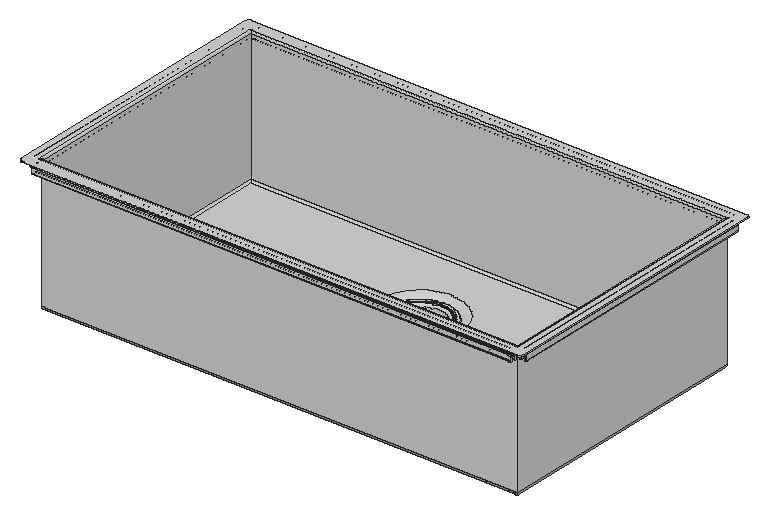
Revit family "Sink-Kitchen_Under_Mount-KOHLER-Vault-K-3821", category Plumbing Fixtures, host Face, Revit 2015
Parameters (values of type "NA-Stainless Steel")
  Width = 18 5/16"  # constant formula
  Waste Water Outlet = "Waste Water Outlet"  # constant formula
  Waste Connection = 1 = 1  # yes
  Vent Connection = 1 = 0  # no
  URL = "https://www.us.kohler.com/us/"
  Product Page URL = "http://www.us.kohler.com/us/catalog/productDetails.jsp?productNumber=3821"
  Product Name = "Vault"  # constant formula
  Product Documentation Link = "http://www.us.kohler.com/onlinecatalog/pdf/K-3821_spec.pdf"
  Model = "K-3821-NA"  # constant formula
  Material = "18-Gauge Stainless Steel"  # constant formula
  MasterFormat 2004 = "22.41.16"  # constant formula
  MasterFormat 1995 = "15410"  # constant formula
  Manufacturer Address = "444 Highland Dr, Kohler, WI 53044"  # constant formula
  Manufacturer = "KOHLER Co."  # constant formula
  Length = 32"  # constant formula
  Hot Water Inlet = "Hot Water Inlet"  # constant formula
  Height = 9 5/16"  # constant formula
  HW Connection = 1 = 0  # no
  Finish = Kohler-Metal-NA-Stainless
  Environmental Product Declaration = ""
  Drain Included = 1 = 0  # no
  Description = "32inch x 18-5/16inch x 9-5/16inch under-mount large single-bowl kitchen sink with no faucet holes"  # constant formula
  Default Elevation = 36"
  Declare Label = ""
  Date Modified = "08/02/2018"  # constant formula
  Date Created = "08/02/2018"  # constant formula
  Copyright = "Copyright KOHLER Co."  # constant formula
  Contact Us = "https://www.us.kohler.com/us/static/contact.jsp"
  Cold Water Inlet = "Cold Water Inlet"  # constant formula
  CW Connection = 1 = 0  # no
  Assembly Code = "D2010400"
  ADA Compliant = 1 = 0  # no
Reference planes
  plane 1 "Center (Front/Back)": y = 0
  plane 2: z = 0
  plane 3 "Center (Left/Right)": x = 0
  plane 4: z = -25.4
  plane 5: z = -261.938
  plane 6: y = 160.337
  plane 7: y = -304.8
  plane 8: x = -406.4
  plane 9: x = 406.4
Forms (mm)
  Extrusion 1, void
    sketch origin (0, 0, 0) x (1, 0, 0) y (0, 1, 0)
      loop
        line (-384.15, 124.562) -> (-384.15, -270.358)
        arc (-384.15, -270.358) -> (-380.431, -279.339) -> (-371.45, -283.058) r 12.7
        line (-371.45, -283.058) -> (371.45, -283.058)
        arc (371.45, -283.058) -> (380.431, -279.339) -> (384.15, -270.358) r 12.7
        line (384.15, -270.358) -> (384.15, 124.562)
        arc (384.15, 124.562) -> (380.431, 133.543) -> (371.45, 137.262) r 12.7
        line (371.45, 137.262) -> (-371.45, 137.262)
        arc (-371.45, 137.262) -> (-380.431, 133.543) -> (-384.15, 124.562) r 12.7
    from 0 to -25.4
  Extrusion 2, void
    sketch origin (0, 0, 0) x (1, 0, 0) y (0, 1, 0)
      loop
        line (-406.4, 153.987) -> (-406.4, -298.45)
        arc (-406.4, -298.45) -> (-404.54, -302.94) -> (-400.05, -304.8) r 6.35
        line (-400.05, -304.8) -> (400.05, -304.8)
        arc (400.05, -304.8) -> (404.54, -302.94) -> (406.4, -298.45) r 6.35
        line (406.4, -298.45) -> (406.4, 153.987)
        arc (406.4, 153.987) -> (404.54, 158.478) -> (400.05, 160.337) r 6.35
        line (400.05, 160.337) -> (-400.05, 160.337)
        arc (-400.05, 160.337) -> (-404.54, 158.478) -> (-406.4, 153.987) r 6.35
    from -25.4 to -327.254
Dimensions and locks
  plane 2 to plane 4 = 1"
  "Height": plane 4 to plane 5
  "Length": plane 8 to plane 9
  "Width": plane 7 to plane 6
  aligned and locked: plane 2 to host face
  aligned and locked: level to host face
Automatic sketch dimensions
  host sketch curve to host sketch curve = 96"  (x2)
  Extrusion 2 sketch curve to plane 8 = 0"
  plane 7 to Extrusion 2 sketch curve = 0"
  plane 6 to Extrusion 2 sketch curve = 0"
  Extrusion 2 sketch curve to plane 9 = 0"
  Extrusion 2 sketch curve to plane 8 = 1/4"
  Extrusion 2 sketch curve to Extrusion 2 sketch curve = 1/4"
  Extrusion 2 sketch curve to plane 9 = 1/4"
  plane 6 to Extrusion 2 sketch curve = 1/4"
  Extrusion 1 sketch curve to plane 8 = 0.87597"
  Extrusion 1 sketch curve to Extrusion 1 sketch curve = 1/2"  (x2)
  plane 6 to Extrusion 1 sketch curve = 0.90847"
  Extrusion 1 sketch curve to plane 9 = 1.37597"  (x2)
  Extrusion 1 sketch curve to plane 9 = 0.87597"
  Extrusion 1 sketch curve to plane 7 = 1.35597"
Nested families
  nested 1: "K-3821_NA" at (0, 0, -25.4), type "K-3821_NA"
Connectors
  piping at (0, 0, -324.85), diameter 38.1, driven by "Waste Connection", driven by "Waste Water Outlet"
    settings: on nested 1, index 1, connector inside diameter 24", connector length 0", flow factor 0, pipe flow 0 GPM, pressure drop 0.00 psi, fitting loss kfactor 0, connector angle 0.00°, fixture units 0, engagement length 0", angle of deflection 0.00°, flow configuration 0, flow direction 2, fitting loss method 0, system type 16, joint type 0, gender type 0, connector reference index -1, connector utility 1, adjustable connector no, is connector primary yes, connector description "Waste Water Outlet"
Definition of nested family "K-3821_NA"
  Parameters (values of type "K-3821_NA")
    Material = none
  Reference planes
    plane 1 "Center (Front/Back)": y = 0
    plane 2: z = 0
    plane 3 "Center (Left/Right)": x = 0
    plane 4: z = -236.538
    plane 5: x = -406.4
    plane 6: y = 160.337
    plane 7: y = -304.8
    plane 8: z = -16.473
    plane 9: x = 406.4
  Forms (mm)
    Sweep 1, solid, material <- "Material", detail levels medium+fine
      path origin (0, 0, 0) x (1, 0, 0) y (0, 1, 0)
        loop
          line (387.35, 140.482) -> (-387.35, 140.482) -> (-387.35, -286.238) -> (387.35, -286.238) -> (387.35, 140.482)
      profile origin (387.35, -72.878, 0) x (1, 0, 0) y (0, 0, 1)
        loop
          line (-0.027, -1.219) -> (1.003, -1.219) -> (1.003, 0) -> (-0.025, 0)
          arc (-0.025, 0) -> (-2.253, -0.922) -> (-3.175, -3.15) r 3.15
          line (-3.175, -3.15) -> (-3.175, -214.057)
          arc (-3.175, -214.057) -> (-4.109, -216.313) -> (-6.365, -217.248) r 3.19
          line (-6.365, -217.248) -> (-7.17, -217.248) -> (-7.17, -218.5) -> (-6.333, -218.5)
          arc (-6.333, -218.5) -> (-3.238, -217.218) -> (-1.956, -214.123) r 4.377
          line (-1.956, -214.123) -> (-1.956, -3.148)
          arc (-1.956, -3.148) -> (-1.391, -1.784) -> (-0.027, -1.219) r 1.929
    Revolve 2, solid, material <- "Material", detail levels medium+fine
      sketch origin (0, 0, 0) x (1, 0, 0) y (0, 0, 1)
        loop
          line (0, -299.45) -> (0, -226.776) -> (-63.5, -226.776)
          arc (-63.5, -226.776) -> (-59.01, -228.636) -> (-57.15, -233.126) r 6.35
          line (-57.15, -233.126) -> (-57.15, -248.431)
          arc (-57.15, -248.431) -> (-56.94, -248.939) -> (-56.433, -249.149) r 0.717
          line (-56.433, -249.149) -> (-48.291, -249.149)
          arc (-48.291, -249.149) -> (-47.192, -249.604) -> (-46.737, -250.703) r 1.554
          line (-46.737, -250.703) -> (-46.737, -252.485)
          arc (-46.737, -252.485) -> (-46.524, -253) -> (-46.01, -253.213) r 0.727
          line (-46.01, -253.213) -> (-42.818, -253.213) -> (-42.818, -259.998)
          arc (-42.818, -259.998) -> (-41.961, -262.714) -> (-39.702, -264.447) r 4.735
          line (-39.702, -264.447) -> (-30.147, -267.925)
          arc (-30.147, -267.925) -> (-25.537, -271.462) -> (-23.79, -277.004) r 9.662
          line (-23.79, -277.004) -> (-23.79, -286.766) -> (-27.178, -286.766) -> (-27.178, -294.633) -> (-23.447, -301.095)
          arc (-23.447, -301.095) -> (-22.892, -301.65) -> (-22.134, -301.854) r 1.517
          line (-22.134, -301.854) -> (-19.05, -301.854) -> (-19.05, -299.45) -> (0, -299.45)
        axis (0, -226.776) -> (0, -301.854)
      angle from 0 to 360
    Revolve 3, void
      sketch origin (0, 0, 0) x (1, 0, 0) y (0, 0, 1)
        loop
          line (0, -250.933) -> (0, -217.248) -> (-66.841, -217.248)
          arc (-66.841, -217.248) -> (-58.111, -218.984) -> (-50.71, -223.929) r 22.812
          line (-50.71, -223.929) -> (-48.102, -226.537)
          arc (-48.102, -226.537) -> (-45.747, -228.123) -> (-42.969, -228.707) r 7.41
          arc (-42.969, -228.707) -> (-40.571, -229.731) -> (-39.582, -232.143) r 3.436
          line (-39.582, -232.143) -> (-39.582, -242.718)
          arc (-39.582, -242.718) -> (-37.176, -248.527) -> (-31.367, -250.933) r 8.215
          line (-31.367, -250.933) -> (0, -250.933)
        axis (0, -217.248) -> (0, -250.933)
      angle from 0 to 360
    Revolve 4, solid, detail levels medium+fine
      sketch origin (0, 0, 8.372) x (1, 0, 0) y (0, 0, 1)
        loop
          line (0, -252.914) -> (0, -226.968)
          arc (0, -226.968) -> (-3.577, -227.285) -> (-7.043, -228.225) r 20.369
          arc (-7.043, -228.225) -> (-7.855, -229.641) -> (-6.603, -230.689) r 1.271
          line (-6.603, -230.689) -> (-3.674, -230.689) -> (-3.674, -235.642) -> (-5.097, -235.642) -> (-5.097, -237.703) -> (-4.013, -238.309) -> (-5.097, -238.954) -> (-5.097, -241.103) -> (-3.784, -241.103) -> (-3.784, -247.326) -> (-6.155, -247.326)
          arc (-6.155, -247.326) -> (-6.85, -247.614) -> (-7.137, -248.309) r 0.983
          line (-7.137, -248.309) -> (-7.137, -252.152) -> (-35.494, -252.152)
          arc (-35.494, -252.152) -> (-37.147, -251.493) -> (-37.892, -249.876) r 2.402
          line (-37.892, -249.876) -> (-38.702, -234.427)
          arc (-38.702, -234.427) -> (-39.926, -231.772) -> (-42.641, -230.689) r 3.945
          line (-42.641, -230.689) -> (-43.794, -230.689)
          arc (-43.794, -230.689) -> (-44.285, -230.893) -> (-44.488, -231.384) r 0.695
          line (-44.488, -231.384) -> (-44.488, -232.204)
          arc (-44.488, -232.204) -> (-45.191, -232.907) -> (-45.894, -232.204) r 0.703
          line (-45.894, -232.204) -> (-45.894, -231.382)
          arc (-45.894, -231.382) -> (-46.097, -230.892) -> (-46.587, -230.689) r 0.693
          line (-46.587, -230.689) -> (-51.051, -230.689)
          arc (-51.051, -230.689) -> (-51.438, -231.011) -> (-51.192, -231.449) r 0.393
          line (-51.192, -231.449) -> (-42.945, -234.615)
          arc (-42.945, -234.615) -> (-40.306, -236.64) -> (-39.196, -239.775) r 5.855
          line (-39.196, -239.775) -> (-38.651, -250.168)
          arc (-38.651, -250.168) -> (-37.752, -252.118) -> (-35.757, -252.914) r 2.898
          line (-35.757, -252.914) -> (0, -252.914)
        axis (0, -226.968) -> (0, -252.914)
      angle from 0 to 360
    Extrusion 5, void
      sketch origin (0, 0, 0) x (1, 0, 0) y (0, 1, 0)
        loop
          circle (0, 15.864) r 2.419
        loop
          circle (0, 24.227) r 2.419
        loop
          circle (0, 32.519) r 2.419
        loop
          circle (7.932, 13.738) r 2.419
        loop
          circle (13.738, 7.932) r 2.419
        loop
          circle (15.864, 0) r 2.419
        loop
          circle (7.486, 23.041) r 2.419
        loop
          circle (14.24, 19.6) r 2.419
        loop
          circle (19.6, 14.24) r 2.419
        loop
          circle (23.041, 7.486) r 2.419
        loop
          circle (24.227, 0) r 2.419
        loop
          circle (7.232, 31.705) r 2.419
        loop
          circle (14.107, 29.3) r 2.419
        loop
          circle (20.27, 25.429) r 2.419
        loop
          circle (25.422, 20.279) r 2.419
        loop
          circle (29.295, 14.118) r 2.419
        loop
          circle (31.702, 7.243) r 2.419
        loop
          circle (32.519, 0.011) r 2.419
        loop
          circle (-7.932, 13.738) r 2.419
        loop
          circle (-13.738, 7.932) r 2.419
        loop
          circle (-15.864, 0) r 2.419
        loop
          circle (-7.486, 23.041) r 2.419
        loop
          circle (-14.24, 19.6) r 2.419
        loop
          circle (-19.6, 14.24) r 2.419
        loop
          circle (-23.041, 7.486) r 2.419
        loop
          circle (-24.227, 0) r 2.419
        loop
          circle (-7.232, 31.705) r 2.419
        loop
          circle (-14.107, 29.3) r 2.419
        loop
          circle (-20.27, 25.429) r 2.419
        loop
          circle (-25.422, 20.279) r 2.419
        loop
          circle (-29.295, 14.118) r 2.419
        loop
          circle (-31.702, 7.243) r 2.419
        loop
          circle (-32.519, 0.011) r 2.419
        loop
          circle (0, -15.864) r 2.419
        loop
          circle (0, -24.227) r 2.419
        loop
          circle (0, -32.519) r 2.419
        loop
          circle (7.932, -13.738) r 2.419
        loop
          circle (13.738, -7.932) r 2.419
        loop
          circle (7.486, -23.041) r 2.419
        loop
          circle (14.24, -19.6) r 2.419
        loop
          circle (19.6, -14.24) r 2.419
        loop
          circle (23.041, -7.486) r 2.419
        loop
          circle (7.232, -31.705) r 2.419
        loop
          circle (14.107, -29.3) r 2.419
        loop
          circle (20.27, -25.429) r 2.419
        loop
          circle (25.422, -20.279) r 2.419
        loop
          circle (29.295, -14.118) r 2.419
        loop
          circle (31.702, -7.243) r 2.419
        loop
          circle (-7.932, -13.738) r 2.419
        loop
          circle (-13.738, -7.932) r 2.419
        loop
          circle (-7.486, -23.041) r 2.419
        loop
          circle (-14.24, -19.6) r 2.419
        loop
          circle (-19.6, -14.24) r 2.419
        loop
          circle (-23.041, -7.486) r 2.419
        loop
          circle (-7.232, -31.705) r 2.419
        loop
          circle (-14.107, -29.3) r 2.419
        loop
          circle (-20.27, -25.429) r 2.419
        loop
          circle (-25.422, -20.279) r 2.419
        loop
          circle (-29.295, -14.118) r 2.419
        loop
          circle (-31.702, -7.243) r 2.419
      from -245.474 to -242.18
    Extrusion 6, solid, material <- "Material", detail levels medium+fine
      sketch origin (0, 0, 0) x (1, 0, 0) y (0, 1, 0)
        loop
          line (-388.353, 141.484) -> (-388.353, -287.241) -> (388.353, -287.241) -> (388.353, 141.484) -> (-388.353, 141.484)
        loop
          line (-406.4, 153.987) -> (-406.4, -298.45)
          arc (-406.4, -298.45) -> (-404.54, -302.94) -> (-400.05, -304.8) r 6.35
          line (-400.05, -304.8) -> (400.05, -304.8)
          arc (400.05, -304.8) -> (404.54, -302.94) -> (406.4, -298.45) r 6.35
          line (406.4, -298.45) -> (406.4, 153.987)
          arc (406.4, 153.987) -> (404.54, 158.478) -> (400.05, 160.337) r 6.35
          line (400.05, 160.337) -> (-400.05, 160.337)
          arc (-400.05, 160.337) -> (-404.54, 158.478) -> (-406.4, 153.987) r 6.35
      from -1.219 to 0
    Extrusion 7, solid, material <- "Material", detail levels medium+fine
      sketch origin (0, 0, 0) x (1, 0, 0) y (0, 0, 1)
        loop
          line (380.18, -217.248) -> (-380.18, -217.248) -> (-380.18, -218.5) -> (-63.5, -226.776) -> (63.5, -226.776) -> (380.18, -218.5) -> (380.18, -217.248)
      from -133.311 to 279.068
    Extrusion 8, void
      sketch origin (0, 0, 0) x (0, 1, 0) y (0, 0, 1)
        loop
          line (63.5, -226.776) -> (133.311, -226.776) -> (133.311, -218.5) -> (63.5, -226.776)
        loop
          line (-63.5, -226.776) -> (-279.068, -218.5) -> (-279.068, -226.776) -> (-63.5, -226.776)
      from -385.394 to 385.394
    Extrusion 9, solid, material <- "Material", detail levels medium+fine
      sketch origin (0, 0, 0) x (1, 0, 0) y (0, 0, 1)
        loop
          line (-390.898, -6.197) -> (-393.511, -1.881)
          arc (-393.511, -1.881) -> (-394.011, -1.396) -> (-394.684, -1.219) r 1.372
          line (-394.684, -1.219) -> (-398.113, -1.219)
          arc (-398.113, -1.219) -> (-398.787, -1.396) -> (-399.287, -1.881) r 1.372
          line (-399.287, -1.881) -> (-401.899, -6.197)
          arc (-401.899, -6.197) -> (-402.059, -6.567) -> (-402.114, -6.966) r 1.486
          line (-402.114, -6.966) -> (-402.114, -14.901)
          arc (-402.114, -14.901) -> (-400.541, -16.473) -> (-398.969, -14.901) r 1.573
          line (-398.969, -14.901) -> (-398.969, -10.617) -> (-399.828, -10.617) -> (-399.828, -14.944)
          arc (-399.828, -14.944) -> (-400.59, -15.706) -> (-401.352, -14.944) r 0.762
          line (-401.352, -14.944) -> (-401.352, -7.188)
          arc (-401.352, -7.188) -> (-401.296, -6.78) -> (-401.132, -6.401) r 1.52
          line (-401.132, -6.401) -> (-398.701, -2.384)
          arc (-398.701, -2.384) -> (-398.396, -2.089) -> (-397.986, -1.981) r 0.836
          line (-397.986, -1.981) -> (-394.812, -1.981)
          arc (-394.812, -1.981) -> (-394.401, -2.089) -> (-394.097, -2.384) r 0.836
          line (-394.097, -2.384) -> (-391.665, -6.401)
          arc (-391.665, -6.401) -> (-391.502, -6.78) -> (-391.446, -7.188) r 1.52
          line (-391.446, -7.188) -> (-391.446, -14.944)
          arc (-391.446, -14.944) -> (-392.208, -15.706) -> (-392.97, -14.944) r 0.762
          line (-392.97, -14.944) -> (-392.97, -10.617) -> (-393.829, -10.617) -> (-393.829, -14.901)
          arc (-393.829, -14.901) -> (-392.256, -16.473) -> (-390.684, -14.901) r 1.573
          line (-390.684, -14.901) -> (-390.684, -6.966)
          arc (-390.684, -6.966) -> (-390.738, -6.567) -> (-390.898, -6.197) r 1.486
        loop
          arc (390.898, -6.197) -> (390.738, -6.567) -> (390.684, -6.966) r 1.486
          line (390.684, -6.966) -> (390.684, -14.901)
          arc (390.684, -14.901) -> (392.256, -16.473) -> (393.829, -14.901) r 1.573
          line (393.829, -14.901) -> (393.829, -10.617) -> (392.97, -10.617) -> (392.97, -14.944)
          arc (392.97, -14.944) -> (392.208, -15.706) -> (391.446, -14.944) r 0.762
          line (391.446, -14.944) -> (391.446, -7.188)
          arc (391.446, -7.188) -> (391.502, -6.78) -> (391.665, -6.401) r 1.52
          line (391.665, -6.401) -> (394.097, -2.384)
          arc (394.097, -2.384) -> (394.401, -2.089) -> (394.812, -1.981) r 0.836
          line (394.812, -1.981) -> (397.986, -1.981)
          arc (397.986, -1.981) -> (398.396, -2.089) -> (398.701, -2.384) r 0.836
          line (398.701, -2.384) -> (401.132, -6.401)
          arc (401.132, -6.401) -> (401.296, -6.78) -> (401.352, -7.188) r 1.52
          line (401.352, -7.188) -> (401.352, -14.944)
          arc (401.352, -14.944) -> (400.59, -15.706) -> (399.828, -14.944) r 0.762
          line (399.828, -14.944) -> (399.828, -10.617) -> (398.969, -10.617) -> (398.969, -14.901)
          arc (398.969, -14.901) -> (400.541, -16.473) -> (402.114, -14.901) r 1.573
          line (402.114, -14.901) -> (402.114, -6.966)
          arc (402.114, -6.966) -> (402.059, -6.567) -> (401.899, -6.197) r 1.486
          line (401.899, -6.197) -> (399.287, -1.881)
          arc (399.287, -1.881) -> (398.787, -1.396) -> (398.113, -1.219) r 1.372
          line (398.113, -1.219) -> (394.684, -1.219)
          arc (394.684, -1.219) -> (394.011, -1.396) -> (393.511, -1.881) r 1.372
          line (393.511, -1.881) -> (390.898, -6.197)
      from -140.918 to 286.238
    Extrusion 10, solid, material <- "Material", detail levels medium+fine
      sketch origin (0, 0, 0) x (0, 1, 0) y (0, 0, 1)
        loop
          arc (-300.787, -6.197) -> (-300.948, -6.567) -> (-301.002, -6.966) r 1.486
          line (-301.002, -6.966) -> (-301.002, -14.901)
          arc (-301.002, -14.901) -> (-299.43, -16.473) -> (-297.857, -14.901) r 1.573
          line (-297.857, -14.901) -> (-297.857, -10.617) -> (-298.716, -10.617) -> (-298.716, -14.944)
          arc (-298.716, -14.944) -> (-299.478, -15.706) -> (-300.24, -14.944) r 0.762
          line (-300.24, -14.944) -> (-300.24, -7.188)
          arc (-300.24, -7.188) -> (-300.184, -6.78) -> (-300.021, -6.401) r 1.52
          line (-300.021, -6.401) -> (-297.589, -2.384)
          arc (-297.589, -2.384) -> (-297.285, -2.089) -> (-296.874, -1.981) r 0.836
          line (-296.874, -1.981) -> (-293.7, -1.981)
          arc (-293.7, -1.981) -> (-293.29, -2.089) -> (-292.985, -2.384) r 0.836
          line (-292.985, -2.384) -> (-290.554, -6.401)
          arc (-290.554, -6.401) -> (-290.39, -6.78) -> (-290.334, -7.188) r 1.52
          line (-290.334, -7.188) -> (-290.334, -14.944)
          arc (-290.334, -14.944) -> (-291.096, -15.706) -> (-291.858, -14.944) r 0.762
          line (-291.858, -14.944) -> (-291.858, -10.617) -> (-292.717, -10.617) -> (-292.717, -14.901)
          arc (-292.717, -14.901) -> (-291.145, -16.473) -> (-289.572, -14.901) r 1.573
          line (-289.572, -14.901) -> (-289.572, -6.966)
          arc (-289.572, -6.966) -> (-289.627, -6.567) -> (-289.787, -6.197) r 1.486
          line (-289.787, -6.197) -> (-292.399, -1.881)
          arc (-292.399, -1.881) -> (-292.899, -1.396) -> (-293.573, -1.219) r 1.372
          line (-293.573, -1.219) -> (-297.002, -1.219)
          arc (-297.002, -1.219) -> (-297.675, -1.396) -> (-298.175, -1.881) r 1.372
          line (-298.175, -1.881) -> (-300.787, -6.197)
        loop
          line (156.325, -6.197) -> (153.713, -1.881)
          arc (153.713, -1.881) -> (153.213, -1.396) -> (152.539, -1.219) r 1.372
          line (152.539, -1.219) -> (149.11, -1.219)
          arc (149.11, -1.219) -> (148.437, -1.396) -> (147.937, -1.881) r 1.372
          line (147.937, -1.881) -> (145.324, -6.197)
          arc (145.324, -6.197) -> (145.164, -6.567) -> (145.11, -6.966) r 1.486
          line (145.11, -6.966) -> (145.11, -14.901)
          arc (145.11, -14.901) -> (146.682, -16.473) -> (148.255, -14.901) r 1.573
          line (148.255, -14.901) -> (148.255, -10.617) -> (147.396, -10.617) -> (147.396, -14.944)
          arc (147.396, -14.944) -> (146.634, -15.706) -> (145.872, -14.944) r 0.762
          line (145.872, -14.944) -> (145.872, -7.188)
          arc (145.872, -7.188) -> (145.928, -6.78) -> (146.091, -6.401) r 1.52
          line (146.091, -6.401) -> (148.523, -2.384)
          arc (148.523, -2.384) -> (148.827, -2.089) -> (149.238, -1.981) r 0.836
          line (149.238, -1.981) -> (152.412, -1.981)
          arc (152.412, -1.981) -> (152.822, -2.089) -> (153.127, -2.384) r 0.836
          line (153.127, -2.384) -> (155.558, -6.401)
          arc (155.558, -6.401) -> (155.722, -6.78) -> (155.778, -7.188) r 1.52
          line (155.778, -7.188) -> (155.778, -14.944)
          arc (155.778, -14.944) -> (155.016, -15.706) -> (154.254, -14.944) r 0.762
          line (154.254, -14.944) -> (154.254, -10.617) -> (153.395, -10.617) -> (153.395, -14.901)
          arc (153.395, -14.901) -> (154.967, -16.473) -> (156.54, -14.901) r 1.573
          line (156.54, -14.901) -> (156.54, -6.966)
          arc (156.54, -6.966) -> (156.485, -6.567) -> (156.325, -6.197) r 1.486
      from -387.35 to 387.35
    Extrusion 11, solid, material <- "Material", detail levels coarse
      sketch origin (0, 0, 0) x (1, 0, 0) y (0, 1, 0)
        loop
          line (400.05, 160.337) -> (-400.05, 160.337)
          arc (-400.05, 160.337) -> (-404.54, 158.478) -> (-406.4, 153.987) r 6.35
          line (-406.4, 153.987) -> (-406.4, -298.45)
          arc (-406.4, -298.45) -> (-404.54, -302.94) -> (-400.05, -304.8) r 6.35
          line (-400.05, -304.8) -> (400.05, -304.8)
          arc (400.05, -304.8) -> (404.54, -302.94) -> (406.4, -298.45) r 6.35
          line (406.4, -298.45) -> (406.4, 153.987)
          arc (406.4, 153.987) -> (404.54, 158.478) -> (400.05, 160.337) r 6.35
      from -16.473 to 0
    Extrusion 12, solid, material <- "Material", detail levels coarse
      sketch origin (0, 0, 0) x (1, 0, 0) y (0, 1, 0)
        loop
          line (-384.15, 137.262) -> (-384.15, -283.058) -> (-339.213, -283.058) -> (384.15, -283.058) -> (384.15, 137.262) -> (-352.22, 137.262) -> (-384.15, 137.262)
      from -227.27 to -16.473
    Extrusion 13, solid, material <- "Material", detail levels coarse
      sketch origin (0, 0, 0) x (1, 0, 0) y (0, 1, 0)
        loop
          circle (0, 0) r 42.818
      from -301.854 to -227.27
    Extrusion 14, void
      sketch origin (0, 0, 0) x (1, 0, 0) y (0, 1, 0)
        loop
          line (-374.625, 127.737) -> (-374.625, -273.533) -> (374.625, -273.533) -> (374.625, 127.737) -> (-374.625, 127.737)
      from 0 to -212.486
  Cuts and joins
    Extrusion 5 cuts Revolve 4
    Revolve 3 cuts Sweep 1
    Revolve 3 cuts Revolve 2
    Revolve 3 cuts Extrusion 6
    Revolve 3, Extrusion 8 cuts Extrusion 7
    joined: Sweep 1, Revolve 2, Extrusion 6, Extrusion 7, Extrusion 9, Extrusion 10
    Extrusion 14 cuts Extrusion 11
    Extrusion 14 cuts Extrusion 12
    Extrusion 14 cuts Extrusion 13
    joined: Extrusion 11, Extrusion 12, Extrusion 13
  Lines and regions (mm)
    Masking region 1
      outline origin (0, 0, 0) x (1, 0, 0) y (0, 0, 1)
        loop
          line (406.4, 0) -> (-406.4, 0) -> (-406.4, -1.219) -> (-398.113, -1.219)
          arc (-398.113, -1.219) -> (-398.787, -1.396) -> (-399.287, -1.881) r 1.372
          line (-399.287, -1.881) -> (-401.899, -6.197)
          arc (-401.899, -6.197) -> (-402.059, -6.567) -> (-402.114, -6.966) r 1.486
          line (-402.114, -6.966) -> (-402.114, -14.901)
          arc (-402.114, -14.901) -> (-400.541, -16.473) -> (-398.969, -14.901) r 1.573
          line (-398.969, -14.901) -> (-398.969, -10.617) -> (-399.828, -10.617) -> (-399.828, -14.944)
          arc (-399.828, -14.944) -> (-400.59, -15.706) -> (-401.352, -14.944) r 0.762
          line (-401.352, -14.944) -> (-401.352, -7.188)
          arc (-401.352, -7.188) -> (-401.296, -6.78) -> (-401.132, -6.401) r 1.52
          line (-401.132, -6.401) -> (-398.701, -2.384)
          arc (-398.701, -2.384) -> (-398.396, -2.089) -> (-397.986, -1.981) r 0.836
          line (-397.986, -1.981) -> (-394.812, -1.981)
          arc (-394.812, -1.981) -> (-394.401, -2.089) -> (-394.097, -2.384) r 0.836
          line (-394.097, -2.384) -> (-391.665, -6.401)
          arc (-391.665, -6.401) -> (-391.502, -6.78) -> (-391.446, -7.188) r 1.52
          line (-391.446, -7.188) -> (-391.446, -14.944)
          arc (-391.446, -14.944) -> (-392.208, -15.706) -> (-392.97, -14.944) r 0.762
          line (-392.97, -14.944) -> (-392.97, -10.617) -> (-393.829, -10.617) -> (-393.829, -14.901)
          arc (-393.829, -14.901) -> (-392.256, -16.473) -> (-390.684, -14.901) r 1.573
          line (-390.684, -14.901) -> (-390.684, -6.966)
          arc (-390.684, -6.966) -> (-390.738, -6.567) -> (-390.898, -6.197) r 1.486
          line (-390.898, -6.197) -> (-393.511, -1.881)
          arc (-393.511, -1.881) -> (-394.011, -1.396) -> (-394.684, -1.219) r 1.372
          line (-394.684, -1.219) -> (-387.35, -1.219) -> (-387.35, -16.473) -> (-385.394, -16.473) -> (-385.394, -214.123)
          arc (-385.394, -214.123) -> (-384.112, -217.218) -> (-381.017, -218.5) r 4.377
          line (-381.017, -218.5) -> (-380.18, -218.5) -> (-63.5, -226.776)
          arc (-63.5, -226.776) -> (-59.01, -228.636) -> (-57.15, -233.126) r 6.35
          line (-57.15, -233.126) -> (-57.15, -248.433)
          arc (-57.15, -248.433) -> (-56.94, -248.939) -> (-56.434, -249.149) r 0.716
          line (-56.434, -249.149) -> (-48.281, -249.149)
          arc (-48.281, -249.149) -> (-47.189, -249.601) -> (-46.737, -250.693) r 1.544
          line (-46.737, -250.693) -> (-46.737, -252.503)
          arc (-46.737, -252.503) -> (-46.529, -253.005) -> (-46.027, -253.213) r 0.71
          line (-46.027, -253.213) -> (-42.818, -253.213) -> (-42.818, -260.116)
          arc (-42.818, -260.116) -> (-41.994, -262.728) -> (-39.821, -264.396) r 4.554
          line (-39.821, -264.396) -> (-30.14, -267.92)
          arc (-30.14, -267.92) -> (-25.535, -271.453) -> (-23.79, -276.988) r 9.651
          line (-23.79, -276.988) -> (-23.79, -286.766) -> (-27.178, -286.766) -> (-27.178, -294.633) -> (-23.434, -301.118)
          arc (-23.434, -301.118) -> (-22.895, -301.656) -> (-22.159, -301.854) r 1.472
          line (-22.159, -301.854) -> (22.159, -301.854)
          arc (22.159, -301.854) -> (22.895, -301.656) -> (23.434, -301.118) r 1.472
          line (23.434, -301.118) -> (27.178, -294.633) -> (27.178, -286.766) -> (23.79, -286.766) -> (23.79, -276.988)
          arc (23.79, -276.988) -> (25.535, -271.453) -> (30.14, -267.92) r 9.651
          line (30.14, -267.92) -> (39.821, -264.396)
          arc (39.821, -264.396) -> (41.994, -262.728) -> (42.818, -260.116) r 4.554
          line (42.818, -260.116) -> (42.818, -253.213) -> (46.027, -253.213)
          arc (46.027, -253.213) -> (46.529, -253.005) -> (46.737, -252.503) r 0.71
          line (46.737, -252.503) -> (46.737, -250.693)
          arc (46.737, -250.693) -> (47.189, -249.601) -> (48.281, -249.149) r 1.544
          line (48.281, -249.149) -> (56.434, -249.149)
          arc (56.434, -249.149) -> (56.94, -248.939) -> (57.15, -248.433) r 0.716
          line (57.15, -248.433) -> (57.15, -233.126)
          arc (57.15, -233.126) -> (59.01, -228.636) -> (63.5, -226.776) r 6.35
          line (63.5, -226.776) -> (380.18, -218.5) -> (381.017, -218.5)
          arc (381.017, -218.5) -> (384.112, -217.218) -> (385.394, -214.123) r 4.377
          line (385.394, -214.123) -> (385.394, -16.473) -> (387.35, -16.473) -> (387.35, -1.219) -> (394.684, -1.219)
          arc (394.684, -1.219) -> (394.011, -1.396) -> (393.511, -1.881) r 1.372
          line (393.511, -1.881) -> (390.898, -6.197)
          arc (390.898, -6.197) -> (390.738, -6.567) -> (390.684, -6.966) r 1.486
          line (390.684, -6.966) -> (390.684, -14.901)
          arc (390.684, -14.901) -> (392.256, -16.473) -> (393.829, -14.901) r 1.573
          line (393.829, -14.901) -> (393.829, -10.617) -> (392.97, -10.617) -> (392.97, -14.944)
          arc (392.97, -14.944) -> (392.208, -15.706) -> (391.446, -14.944) r 0.762
          line (391.446, -14.944) -> (391.446, -7.188)
          arc (391.446, -7.188) -> (391.502, -6.78) -> (391.665, -6.401) r 1.52
          line (391.665, -6.401) -> (394.097, -2.384)
          arc (394.097, -2.384) -> (394.401, -2.089) -> (394.812, -1.981) r 0.836
          line (394.812, -1.981) -> (397.986, -1.981)
          arc (397.986, -1.981) -> (398.396, -2.089) -> (398.701, -2.384) r 0.836
          line (398.701, -2.384) -> (401.132, -6.401)
          arc (401.132, -6.401) -> (401.296, -6.78) -> (401.352, -7.188) r 1.52
          line (401.352, -7.188) -> (401.352, -14.944)
          arc (401.352, -14.944) -> (400.59, -15.706) -> (399.828, -14.944) r 0.762
          line (399.828, -14.944) -> (399.828, -10.617) -> (398.969, -10.617) -> (398.969, -14.901)
          arc (398.969, -14.901) -> (400.541, -16.473) -> (402.114, -14.901) r 1.573
          line (402.114, -14.901) -> (402.114, -6.966)
          arc (402.114, -6.966) -> (402.059, -6.567) -> (401.899, -6.197) r 1.486
          line (401.899, -6.197) -> (399.287, -1.881)
          arc (399.287, -1.881) -> (398.787, -1.396) -> (398.113, -1.219) r 1.372
          line (398.113, -1.219) -> (406.4, -1.219) -> (406.4, 0)
    Masking region 2
      outline origin (0, -6.925, 25.4) x (0, 1, 0) y (0, 0, 1)
        loop
          line (167.262, -26.619) -> (167.262, -25.4) -> (-52.325, -25.4) -> (-297.875, -25.4) -> (-297.875, -26.619) -> (-290.077, -26.619)
          arc (-290.077, -26.619) -> (-290.751, -26.796) -> (-291.251, -27.281) r 1.372
          line (-291.251, -27.281) -> (-293.863, -31.597)
          arc (-293.863, -31.597) -> (-294.023, -31.967) -> (-294.078, -32.366) r 1.486
          line (-294.078, -32.366) -> (-294.078, -40.301)
          arc (-294.078, -40.301) -> (-292.505, -41.873) -> (-290.932, -40.301) r 1.573
          line (-290.932, -40.301) -> (-290.932, -36.017) -> (-291.792, -36.017) -> (-291.792, -40.344)
          arc (-291.792, -40.344) -> (-292.554, -41.106) -> (-293.316, -40.344) r 0.762
          line (-293.316, -40.344) -> (-293.316, -32.588)
          arc (-293.316, -32.588) -> (-293.26, -32.18) -> (-293.096, -31.801) r 1.52
          line (-293.096, -31.801) -> (-290.665, -27.784)
          arc (-290.665, -27.784) -> (-290.36, -27.489) -> (-289.949, -27.381) r 0.836
          line (-289.949, -27.381) -> (-286.776, -27.381)
          arc (-286.776, -27.381) -> (-286.365, -27.489) -> (-286.06, -27.784) r 0.836
          line (-286.06, -27.784) -> (-283.629, -31.801)
          arc (-283.629, -31.801) -> (-283.466, -32.18) -> (-283.41, -32.588) r 1.52
          line (-283.41, -32.588) -> (-283.41, -40.344)
          arc (-283.41, -40.344) -> (-284.172, -41.106) -> (-284.934, -40.344) r 0.762
          line (-284.934, -40.344) -> (-284.934, -36.017) -> (-285.793, -36.017) -> (-285.793, -40.301)
          arc (-285.793, -40.301) -> (-284.22, -41.873) -> (-282.648, -40.301) r 1.573
          line (-282.648, -40.301) -> (-282.648, -32.366)
          arc (-282.648, -32.366) -> (-282.702, -31.967) -> (-282.862, -31.597) r 1.486
          line (-282.862, -31.597) -> (-285.475, -27.281)
          arc (-285.475, -27.281) -> (-285.975, -26.796) -> (-286.648, -26.619) r 1.372
          line (-286.648, -26.619) -> (-279.314, -26.619) -> (-279.314, -41.873) -> (-277.378, -41.873) -> (-277.358, -239.523)
          arc (-277.358, -239.523) -> (-276.076, -242.618) -> (-272.981, -243.9) r 4.377
          line (-272.981, -243.9) -> (-272.143, -243.9) -> (-56.575, -252.176)
          arc (-56.575, -252.176) -> (-52.085, -254.036) -> (-50.225, -258.526) r 6.35
          line (-50.225, -258.526) -> (-50.225, -273.833)
          arc (-50.225, -273.833) -> (-50.016, -274.339) -> (-49.51, -274.549) r 0.716
          line (-49.51, -274.549) -> (-41.356, -274.549)
          arc (-41.356, -274.549) -> (-40.264, -275.001) -> (-39.812, -276.093) r 1.544
          line (-39.812, -276.093) -> (-39.812, -277.903)
          arc (-39.812, -277.903) -> (-39.604, -278.405) -> (-39.102, -278.613) r 0.71
          line (-39.102, -278.613) -> (-35.893, -278.613) -> (-35.893, -285.516)
          arc (-35.893, -285.516) -> (-35.07, -288.128) -> (-32.897, -289.796) r 4.554
          line (-32.897, -289.796) -> (-23.215, -293.32)
          arc (-23.215, -293.32) -> (-18.611, -296.853) -> (-16.865, -302.388) r 9.651
          line (-16.865, -302.388) -> (-16.865, -312.166) -> (-20.253, -312.166) -> (-20.253, -320.033) -> (-16.51, -326.518)
          arc (-16.51, -326.518) -> (-15.971, -327.056) -> (-15.235, -327.254) r 1.472
          line (-15.235, -327.254) -> (29.084, -327.254)
          arc (29.084, -327.254) -> (29.82, -327.056) -> (30.359, -326.518) r 1.472
          line (30.359, -326.518) -> (34.103, -320.033) -> (34.103, -312.166) -> (30.714, -312.166) -> (30.714, -302.388)
          arc (30.714, -302.388) -> (32.46, -296.853) -> (37.064, -293.32) r 9.651
          line (37.064, -293.32) -> (46.746, -289.796)
          arc (46.746, -289.796) -> (48.919, -288.128) -> (49.742, -285.516) r 4.554
          line (49.742, -285.516) -> (49.742, -278.613) -> (52.952, -278.613)
          arc (52.952, -278.613) -> (53.454, -278.405) -> (53.661, -277.903) r 0.71
          line (53.661, -277.903) -> (53.661, -276.093)
          arc (53.661, -276.093) -> (54.114, -275.001) -> (55.205, -274.549) r 1.544
          line (55.205, -274.549) -> (63.359, -274.549)
          arc (63.359, -274.549) -> (63.865, -274.339) -> (64.075, -273.833) r 0.716
          line (64.075, -273.833) -> (64.075, -258.526)
          arc (64.075, -258.526) -> (65.934, -254.036) -> (70.425, -252.176) r 6.35
          line (70.425, -252.176) -> (140.236, -243.9) -> (141.073, -243.9)
          arc (141.073, -243.9) -> (144.02, -242.76) -> (145.431, -239.934) r 4.377
          line (145.431, -239.934) -> (145.431, -41.873) -> (147.842, -41.873) -> (147.842, -26.619) -> (156.035, -26.619)
          arc (156.035, -26.619) -> (155.361, -26.796) -> (154.861, -27.281) r 1.372
          line (154.861, -27.281) -> (152.249, -31.597)
          arc (152.249, -31.597) -> (152.089, -31.967) -> (152.034, -32.366) r 1.486
          line (152.034, -32.366) -> (152.034, -40.301)
          arc (152.034, -40.301) -> (153.607, -41.873) -> (155.179, -40.301) r 1.573
          line (155.179, -40.301) -> (155.179, -36.017) -> (154.32, -36.017) -> (154.32, -40.344)
          arc (154.32, -40.344) -> (153.558, -41.106) -> (152.796, -40.344) r 0.762
          line (152.796, -40.344) -> (152.796, -32.588)
          arc (152.796, -32.588) -> (152.852, -32.18) -> (153.016, -31.801) r 1.52
          line (153.016, -31.801) -> (155.447, -27.784)
          arc (155.447, -27.784) -> (155.752, -27.489) -> (156.162, -27.381) r 0.836
          line (156.162, -27.381) -> (159.336, -27.381)
          arc (159.336, -27.381) -> (159.747, -27.489) -> (160.051, -27.784) r 0.836
          line (160.051, -27.784) -> (162.483, -31.801)
          arc (162.483, -31.801) -> (162.646, -32.18) -> (162.702, -32.588) r 1.52
          line (162.702, -32.588) -> (162.702, -40.344)
          arc (162.702, -40.344) -> (161.94, -41.106) -> (161.178, -40.344) r 0.762
          line (161.178, -40.344) -> (161.178, -36.017) -> (160.319, -36.017) -> (160.319, -40.301)
          arc (160.319, -40.301) -> (161.892, -41.873) -> (163.464, -40.301) r 1.573
          line (163.464, -40.301) -> (163.464, -32.366)
          arc (163.464, -32.366) -> (163.41, -31.967) -> (163.25, -31.597) r 1.486
          line (163.25, -31.597) -> (160.637, -27.281)
          arc (160.637, -27.281) -> (160.137, -26.796) -> (159.464, -26.619) r 1.372
          line (159.464, -26.619) -> (167.262, -26.619)
    Masking region 3
      outline origin (0, 0, 0) x (1, 0, 0) y (0, 1, 0)
        loop
          arc (-400.05, 160.337) -> (-404.54, 158.478) -> (-406.4, 153.987) r 6.35
          line (-406.4, 153.987) -> (-406.4, -298.45)
          arc (-406.4, -298.45) -> (-404.54, -302.94) -> (-400.05, -304.8) r 6.35
          line (-400.05, -304.8) -> (400.05, -304.8)
          arc (400.05, -304.8) -> (404.54, -302.94) -> (406.4, -298.45) r 6.35
          line (406.4, -298.45) -> (406.4, 153.987)
          arc (406.4, 153.987) -> (404.54, 158.478) -> (400.05, 160.337) r 6.35
          line (400.05, 160.337) -> (-400.05, 160.337)
    symbolic lines, detail levels medium+fine
      curve 1: line (-387.3, 0, -1.219) -> (387.4, 0, -1.219)
      curve 2: line (-63.5, 0, -226.776) -> (63.5, 0, -226.776)
      curve 3: line (-48.281, 0, -249.149) -> (48.281, 0, -249.149)
      curve 4: line (-42.818, 0, -253.213) -> (42.818, 0, -253.213)
      curve 5: line (-23.79, 0, -286.766) -> (23.79, 0, -286.766)
      curve 6: line (-27.178, 0, -294.633) -> (27.178, 0, -294.633)
      curve 7: line (0, 140.918, -1.219) -> (0, -286.208, -1.219)
      curve 8: line (0, 63.5, -226.776) -> (0, -63.5, -226.776)
      curve 9: line (0, 48.281, -249.149) -> (0, -48.281, -249.149)
      curve 10: line (0, 42.818, -253.213) -> (0, -42.818, -253.213)
      curve 11: line (0, 23.79, -286.766) -> (0, -23.79, -286.766)
      curve 12: line (0, 27.178, -294.633) -> (0, -27.178, -294.633)
      curve 13: circle (0, 0, 0) r 42.818 normal (0, 0, -1)
      curve 14: circle (0, 0, 0) r 5.096 normal (0, 0, 1)
      curve 15: circle (0, 0, 0) r 44.45 normal (0, 0, 1)
      curve 16: circle (0, 0, 0) r 51.495 normal (0, 0, 1)
      curve 17: circle (0, 15.864, 0) r 2.419 normal (0, 0, 1)
      curve 18: circle (0, 24.227, 0) r 2.419 normal (0, 0, 1)
      curve 19: circle (0, 32.519, 0) r 2.419 normal (0, 0, 1)
      curve 20: circle (7.932, 13.738, 0) r 2.419 normal (0, 0, 1)
      curve 21: circle (13.738, 7.932, 0) r 2.419 normal (0, 0, 1)
      curve 22: circle (15.864, 0, 0) r 2.419 normal (0, 0, 1)
      curve 23: circle (7.486, 23.041, 0) r 2.419 normal (0, 0, 1)
      curve 24: circle (14.24, 19.6, 0) r 2.419 normal (0, 0, 1)
      curve 25: circle (19.6, 14.24, 0) r 2.419 normal (0, 0, 1)
      curve 26: circle (23.041, 7.486, 0) r 2.419 normal (0, 0, 1)
      curve 27: circle (24.227, 0, 0) r 2.419 normal (0, 0, 1)
      curve 28: circle (7.232, 31.705, 0) r 2.419 normal (0, 0, 1)
      curve 29: circle (14.107, 29.3, 0) r 2.419 normal (0, 0, 1)
      curve 30: circle (20.27, 25.429, 0) r 2.419 normal (0, 0, 1)
      curve 31: circle (25.422, 20.279, 0) r 2.419 normal (0, 0, 1)
      curve 32: circle (29.295, 14.118, 0) r 2.419 normal (0, 0, 1)
      curve 33: circle (31.702, 7.243, 0) r 2.419 normal (0, 0, 1)
      curve 34: circle (32.519, 0.011, 0) r 2.419 normal (0, 0, 1)
      curve 35: circle (-7.932, 13.738, 0) r 2.419 normal (0, 0, -1)
      curve 36: circle (-13.738, 7.932, 0) r 2.419 normal (0, 0, -1)
      curve 37: circle (-15.864, 0, 0) r 2.419 normal (0, 0, -1)
      curve 38: circle (-7.486, 23.041, 0) r 2.419 normal (0, 0, -1)
      curve 39: circle (-14.24, 19.6, 0) r 2.419 normal (0, 0, -1)
      curve 40: circle (-19.6, 14.24, 0) r 2.419 normal (0, 0, -1)
      curve 41: circle (-23.041, 7.486, 0) r 2.419 normal (0, 0, -1)
      curve 42: circle (-24.227, 0, 0) r 2.419 normal (0, 0, -1)
      curve 43: circle (-7.232, 31.705, 0) r 2.419 normal (0, 0, -1)
      curve 44: circle (-14.107, 29.3, 0) r 2.419 normal (0, 0, -1)
      curve 45: circle (-20.27, 25.429, 0) r 2.419 normal (0, 0, -1)
      curve 46: circle (-25.422, 20.279, 0) r 2.419 normal (0, 0, -1)
      curve 47: circle (-29.295, 14.118, 0) r 2.419 normal (0, 0, -1)
      curve 48: circle (-31.702, 7.243, 0) r 2.419 normal (0, 0, -1)
      curve 49: circle (-32.519, 0.011, 0) r 2.419 normal (0, 0, -1)
      curve 50: circle (0, -15.864, 0) r 2.419 normal (0, 0, -1)
      curve 51: circle (0, -24.227, 0) r 2.419 normal (0, 0, -1)
      curve 52: circle (0, -32.519, 0) r 2.419 normal (0, 0, -1)
      curve 53: circle (7.932, -13.738, 0) r 2.419 normal (0, 0, -1)
      curve 54: circle (13.738, -7.932, 0) r 2.419 normal (0, 0, -1)
      curve 55: circle (7.486, -23.041, 0) r 2.419 normal (0, 0, -1)
      curve 56: circle (14.24, -19.6, 0) r 2.419 normal (0, 0, -1)
      curve 57: circle (19.6, -14.24, 0) r 2.419 normal (0, 0, -1)
      curve 58: circle (23.041, -7.486, 0) r 2.419 normal (0, 0, -1)
      curve 59: circle (7.232, -31.705, 0) r 2.419 normal (0, 0, -1)
      curve 60: circle (14.107, -29.3, 0) r 2.419 normal (0, 0, -1)
      curve 61: circle (20.27, -25.429, 0) r 2.419 normal (0, 0, -1)
      curve 62: circle (25.422, -20.279, 0) r 2.419 normal (0, 0, -1)
      curve 63: circle (29.295, -14.118, 0) r 2.419 normal (0, 0, -1)
      curve 64: circle (31.702, -7.243, 0) r 2.419 normal (0, 0, -1)
      curve 65: circle (-7.932, -13.738, 0) r 2.419 normal (0, 0, 1)
      curve 66: circle (-13.738, -7.932, 0) r 2.419 normal (0, 0, 1)
      curve 67: circle (-7.486, -23.041, 0) r 2.419 normal (0, 0, 1)
      curve 68: circle (-14.24, -19.6, 0) r 2.419 normal (0, 0, 1)
      curve 69: circle (-19.6, -14.24, 0) r 2.419 normal (0, 0, 1)
      curve 70: circle (-23.041, -7.486, 0) r 2.419 normal (0, 0, 1)
      curve 71: circle (-7.232, -31.705, 0) r 2.419 normal (0, 0, 1)
      curve 72: circle (-14.107, -29.3, 0) r 2.419 normal (0, 0, 1)
      curve 73: circle (-20.27, -25.429, 0) r 2.419 normal (0, 0, 1)
      curve 74: circle (-25.422, -20.279, 0) r 2.419 normal (0, 0, 1)
      curve 75: circle (-29.295, -14.118, 0) r 2.419 normal (0, 0, 1)
      curve 76: circle (-31.702, -7.243, 0) r 2.419 normal (0, 0, 1)
      curve 77: line (-398.113, 0, -1.219) -> (-394.684, 0, -1.219)
      curve 78: line (-385.394, 0, -16.473) -> (385.394, 0, -16.473)
      curve 79: line (394.684, 0, -1.219) -> (398.113, 0, -1.219)
      curve 80: line (0, 152.539, -1.219) -> (0, 149.11, -1.219)
      curve 81: line (0, -293.573, -1.219) -> (0, -297.002, -1.219)
      curve 82: line (0, 138.526, -16.473) -> (0, -284.302, -16.473)
      curve 83: line (0, 138.526, -64.719) -> (0, 138.526, -16.473)
      curve 84: line (-384.15, 138.112, 0) -> (-384.15, -282.575, 0)
      curve 85: line (384.15, 138.112, 0) -> (-384.15, 138.112, 0)
      curve 86: line (-384.15, -282.575, 0) -> (384.15, -282.575, 0)
      curve 87: line (384.15, -282.575, 0) -> (384.15, 138.112, 0)
      curve 88: line (-384.15, 138.112, 0) -> (-48.492, 17.327, 0)
      curve 89: line (-384.15, -282.575, 0) -> (-41.456, -30.547, 0)
      curve 90: line (384.15, 138.112, 0) -> (48.492, 17.327, 0)
      curve 91: line (384.15, -282.575, 0) -> (41.456, -30.547, 0)
  Dimensions and locks
    plane 2 to plane 4 = 9 5/16"
    plane 1 "Center (Front/Back)" to plane 6 = 6 5/16"
    plane 5 to plane 9 = 32"
    plane 7 to plane 6 = 18 5/16"
    aligned and locked: plane 2 to level
